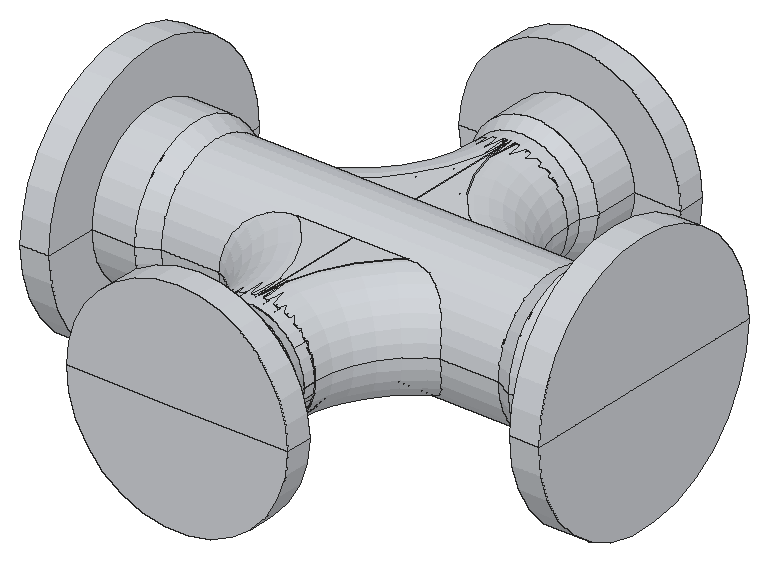
Revit family "5d64237feac1485987b127e7d64533d2", category Pipe Fittings, Revit 2021
Family settings
  Round Connector Dimension = Use Radius
  Part Type = Cross
  OmniClass Number = 23.60.30.11.14
  OmniClass Title = Pipework Fittings
  Seek Item ID = Tee - PVC - Sch 40-0000-USA-ENU
  Work Plane-Based = No
  Always vertical = Yes
  Cut with Voids When Loaded = No
  Shared = No
Parameters (values of type "Standard")
  Visibility 1 [instance] = and(Angle 1 = 90.00°, Angle 2 = 90.00°)  # yes
  Tick Size 3 [instance] = Fitting Outside Diameter 3 * 0.4  # 1.5840"
  Tick Size 2 [instance] = Fitting Outside Diameter 2 * 0.4  # 1.5840"
  Tick Size 1 [instance] = Fitting Outside Diameter 1 * 0.4  # 1.9200"
  Socket Outside Radius 3 [instance] = Socket Outside Diameter 3 / 2  # 2.2400"
  Socket Outside Radius 2 [instance] = Socket Outside Diameter 2 / 2  # 2.2400"
  Socket Outside Radius 1 [instance] = Socket Outside Diameter 1 / 2  # 2.7250"
  Socket Outside Diameter 3 [instance] = size_lookup(Lookup Table Name, "SOD", 1.08 * Nominal Diameter 3 + 1.1300", Nominal Diameter 3)  # 4.4800"
  Socket Outside Diameter 1 [instance] = size_lookup(Lookup Table Name, "SOD", 1.08 * Nominal Diameter 1 + 1.1300", Nominal Diameter 1)  # 5.4500"
  Socket Outside Diameter 2 [instance] = size_lookup(Lookup Table Name, "SOD", 1.08 * Nominal Diameter 2 + 1.1300", Nominal Diameter 2)  # 4.4800"
  Socket Depth 3 [instance] = if(Nominal Diameter 3 < 14.0000", 2.5000", if(Nominal Diameter 2 < 30.0000", 3.5000", 4.0000"))  # 2.5000"
  Socket Depth 2 [instance] = if(Nominal Diameter 2 < 14.0000", 2.5000", if(Nominal Diameter 2 < 30.0000", 3.5000", 4.0000"))  # 2.5000"
  Socket Depth 1 [instance] = if(Nominal Diameter 1 < 14.0000", 2.5000", if(Nominal Diameter 1 < 30.0000", 3.5000", 4.0000"))  # 2.5000"
  Nominal Radius 3 [instance] = 1.5000"
  Nominal Radius 2 [instance] = 1.5000"
  Nominal Diameter 3 [instance] = Nominal Radius 3 * 2  # 3.0000"
  Nominal Diameter 2 [instance] = Nominal Radius 2 * 2  # 3.0000"
  Min Nominal Diameter 23 [instance] = if(Nominal Diameter 2 < Nominal Diameter 3, Nominal Diameter 2, Nominal Diameter 3)  # 3.0000"
  Min Center to Socket Bottom 23 [instance] = if(Center to Socket Bottom 2 < Center to Socket Bottom 3, Center to Socket Bottom 2, Center to Socket Bottom 3)  # 6.5000"
  Max Nominal Diameter 23 [instance] = if(Nominal Diameter 2 > Nominal Diameter 3, Nominal Diameter 2, Nominal Diameter 3)  # 3.0000"
  Max Gland Width 23 [instance] = if(Gland Width 2 > Gland Width 3, Gland Width 2, Gland Width 3)  # 0.9400"
  Lookup Table Name = "Cross Reducing - MJ - DI - Class 350"
  Length 2 [instance] = Socket Depth 3 + Bevel Length 3  # 3.0200"
  Length 1 [instance] = Socket Depth 2 + Bevel Length 2  # 3.0200"
  Fitting Outside Radius 3 [instance] = Fitting Outside Diameter 3 / 2  # 1.9800"
  Fitting Outside Radius 2 [instance] = Fitting Outside Diameter 2 / 2  # 1.9800"
  Fitting Outside Radius 1 [instance] = Fitting Outside Diameter 1 / 2  # 2.4000"
  Fitting Outside Diameter 3 [instance] = size_lookup(Lookup Table Name, "FOD", 1.04 * Nominal Diameter 3 + 0.7000", Nominal Diameter 3)  # 3.9600"
  Fitting Outside Diameter 2 [instance] = size_lookup(Lookup Table Name, "FOD", 1.04 * Nominal Diameter 2 + 0.7000", Nominal Diameter 2)  # 3.9600"
  Fitting Outside Diameter 1 [instance] = size_lookup(Lookup Table Name, "FOD", 1.04 * Nominal Diameter 1 + 0.7000", Nominal Diameter 1)  # 4.8000"
  Nominal Radius 1 [instance] = 2.0000"
  Nominal Diameter 1 [instance] = Nominal Radius 1 * 2  # 4.0000"
  Loss Method = Not Defined
  K Coefficient Table = (empty or 0)
  Default Elevation = 0.0000"
  Bevel Length 3 [instance] = size_lookup(Lookup Table Name, "BvLgt", 0.04 * Nominal Diameter 3 + 0.4300", Nominal Diameter 3)  # 0.5200"
  Bevel Length 2 Label [instance] = if(not(Angle 2 = 90.00°), Center to End 2 Label - Length 1, Bevel Length 2)  # 0.5200"
  Bevel Length 2 [instance] = size_lookup(Lookup Table Name, "BvLgt", 0.04 * Nominal Diameter 2 + 0.4300", Nominal Diameter 2)  # 0.5200"
  Bevel Length 1 [instance] = size_lookup(Lookup Table Name, "BvLgt", 0.04 * Nominal Diameter 1 + 0.4300", Nominal Diameter 1)  # 0.6500"
  Center to Socket Bottom 3 [instance] = size_lookup(Lookup Table Name, "CtSB2", 3.8400" + 0.6 * Nominal Diameter 1 + 0.12 * Nominal Diameter 3, Nominal Diameter 1, Nominal Diameter 3)  # 6.5000"
  Center to Socket Bottom 2 [instance] = size_lookup(Lookup Table Name, "CtSB2", 3.8400" + 0.6 * Nominal Diameter 1 + 0.12 * Nominal Diameter 2, Nominal Diameter 1, Nominal Diameter 2)  # 6.5000"
  Center to Socket Bottom 1 [instance] = size_lookup(Lookup Table Name, "CtSB1", 4.9800" + 0.33 * Nominal Diameter 1 + 0.33 * Max Nominal Diameter 23, Nominal Diameter 1, Max Nominal Diameter 23)  # 6.5000"
  Center to End 3 [instance] = Center to Socket Bottom 3 + Socket Depth 3  # 9.0000"
  Max Center to End 23 [instance] = if(Center to End 2 > Center to End 3, Center to End 2, Center to End 3)  # 9.0000"
  Center to End 2 Label [instance] = if((Max Center to End 23 - Max Gland Width 23) * tan(Angle 5 / 2) > Gland Outside Radius 1, Max Center to End 23, Gland Outside Radius 1 / tan(Angle 5 / 2) + Max Gland Width 23)  # 9.0000"
  Center to End 2 [instance] = Center to Socket Bottom 2 + Socket Depth 2  # 9.0000"
  Center to End 1 Label [instance] = if((Max Center to End 23 - Max Gland Width 23) * tan(Angle 5 / 2) > Gland Outside Radius 1, Center to End 1, Gland Outside Radius 1 / tan(Angle 5 / 2) + Max Gland Width 23)  # 9.0000"
  Center to End 1 [instance] = Center to Socket Bottom 1 + Socket Depth 1  # 9.0000"
  Center Radius Label [instance] = if(Min Center to Socket Bottom 23 - Center Radius - Bevel Length 2 < 0.5000", Min Center to Socket Bottom 23 - Bevel Length 2 - 0.5000", Center Radius)  # 5.4800"
  Center Radius [instance] = size_lookup(Lookup Table Name, "CRad", 4.4800" + 0.3 * Nominal Diameter 1 + 0.33 * Max Nominal Diameter 23, Nominal Diameter 1, Max Nominal Diameter 23)  # 5.8500"
  Gland Width 3 [instance] = size_lookup(Lookup Table Name, "GWid", 0.03 * Nominal Diameter 3 + 0.9400", Nominal Diameter 3)  # 0.9400"
  Gland Width 2 [instance] = size_lookup(Lookup Table Name, "GWid", 0.03 * Nominal Diameter 2 + 0.9400", Nominal Diameter 2)  # 0.9400"
  Gland Width 1 [instance] = size_lookup(Lookup Table Name, "GWid", 0.03 * Nominal Diameter 1 + 0.9400", Nominal Diameter 1)  # 1.0000"
  Gland Outside Radius 3 [instance] = Gland Outside Diameter 3 / 2  # 3.8450"
  Gland Outside Radius 2 [instance] = Gland Outside Diameter 2 / 2  # 3.8450"
  Gland Outside Radius 1 [instance] = Gland Outside Diameter 1 / 2  # 4.5600"
  Gland Outside Diameter 3 [instance] = size_lookup(Lookup Table Name, "GOD", 1.16 * Nominal Diameter 3 + 4.0300", Nominal Diameter 3)  # 7.6900"
  Gland Outside Diameter 2 [instance] = size_lookup(Lookup Table Name, "GOD", 1.16 * Nominal Diameter 2 + 4.0300", Nominal Diameter 2)  # 7.6900"
  Gland Outside Diameter 1 [instance] = size_lookup(Lookup Table Name, "GOD", 1.16 * Nominal Diameter 1 + 4.0300", Nominal Diameter 1)  # 9.1200"
  Angle 5 [instance] = if(tan(Angle 3 / 2) > tan(Angle 4 / 2), Angle 4, Angle 3)  # 90.00°
  Angle 4 [instance] = if(Angle 2 > 90.00°, 180.00° - Angle 2, Angle 2)  # 90.00°
  Angle 3 [instance] = if(Angle 1 > 90.00°, 180.00° - Angle 1, Angle 1)  # 90.00°
  Angle 2 [instance] = 90.00°
  Angle 1 [instance] = 90.00°
Reference planes (in)
  plane 1 "Center (Front/Back)": y = 0
  plane 2: z = 0
  plane 3 "Center (Left/Right)": x = 0
  plane 4: y = -6.5
  plane 5: y = 4.56
  plane 6: y = 2.725
  plane 7: y = 2.4
  plane 8: x = -9
  plane 9: x = -8
  plane 10: x = -5.85
  plane 11: x = -6.5
  plane 12: x = 9
  plane 13: x = 8
  plane 14: x = 5.85
  plane 15: x = 6.5
  plane 16: y = -5.98
  plane 17: y = -5.48
  plane 18: x = -5.48
  plane 19: x = 5.48
  plane 20: z = 1.98
  plane 21: z = -1.98
  plane 22: y = 1.92
  plane 23: y = -1.92
  plane 24: y = 6.5
  plane 25: y = 5.98
  plane 26: y = 5.48
  plane 27: y = 1.92
  plane 28: z = 1.98
  plane 29: z = -1.98
Forms (in)
  Revolve 1, solid, detail levels fine
    sketch origin (0, 0, 0) x (1, 0, 0) y (0, 1, 0)
      loop
        line (-9, 0) -> (9, 0) -> (9, 4.56) -> (8, 4.56) -> (8, 2.725) -> (6.5, 2.725) -> (5.85, 2.4) -> (-5.85, 2.4) -> (-6.5, 2.725) -> (-8, 2.725) -> (-8, 4.56) -> (-9, 4.56) -> (-9, 0)
      axis (-9, 0) -> (9, 0)
    angle from 0 to 360
  Sweep 2, solid, visible <- "Visibility 1", detail levels fine
    path origin (0, 0, 0) x (1, 0, 0) y (0, 1, 0)
      loop
        arc (-5.48, 0) -> (-1.60505, -1.60505) -> (0, -5.48) r 5.48
        line (0, -5.48) -> (0, -5.98)
    profile origin (0, -5.48, 0) x (1, 0, 0) y (0, 0, 1)
      loop
        circle (0, 0) r 1.98
  Sweep 3, solid, visible <- "Visibility 1", detail levels fine
    path origin (0, 0, 0) x (-1, 0, 0) y (0, 1, 0)
      loop
        arc (-5.48, 0) -> (-1.60505, -1.60505) -> (0, -5.48) r 5.48
        line (0, -5.48) -> (0, -5.98)
    profile origin (0, -5.48, 0) x (1, 0, 0) y (0, 0, 1)
      loop
        circle (0, 0) r 1.98
  Extrusion 4, solid, visible <- "Visibility 1", detail levels fine
    sketch origin (0, 0, 0) x (1, 0, 0) y (0, 1, 0)
      loop
        arc (0, -5.48) -> (1.60505, -1.60505) -> (5.48, 0) r 5.48
        line (5.48, 0) -> (-5.48, 0)
        arc (-5.48, 0) -> (-1.60505, -1.60505) -> (0, -5.48) r 5.48
    from -1.98 to 1.98
  Sweep 5, solid, visible <- "Visibility 1", detail levels fine
    path origin (0, 0, 0) x (-1, 0, 0) y (0, -1, 0)
      loop
        arc (-5.48, 0) -> (-1.60505, -1.60505) -> (0, -5.48) r 5.48
    profile origin (0, 5.48, 0) x (-1, 0, 0) y (0, 0, 1)
      loop
        circle (0, 0) r 1.98
  Extrusion 6, solid, visible <- "Visibility 1", detail levels fine
    sketch origin (0, 0, 0) x (1, 0, 0) y (0, 1, 0)
      loop
        arc (0, 5.48) -> (-1.60505, 1.60505) -> (-5.48, 0) r 5.48
        line (-5.48, 0) -> (5.48, 0)
        arc (5.48, 0) -> (1.60505, 1.60505) -> (0, 5.48) r 5.48
    from -1.98 to 1.98
  Sweep 7, solid, visible <- "Visibility 1", detail levels fine
    path origin (0, 0, 0) x (1, 0, 0) y (0, -1, 0)
      loop
        arc (-5.48, 0) -> (-1.60505, -1.60505) -> (0, -5.48) r 5.48
    profile origin (0, 5.48, 0) x (-1, 0, 0) y (0, 0, 1)
      loop
        circle (0, 0) r 1.98
  Revolve 8, solid, detail levels fine
    sketch origin (0, 0, 0) x (0, -1, 0) y (1, 0, 0)
      loop
        line (9, 0) -> (0, 0) -> (0, -1.98) -> (5.98, -1.98) -> (6.5, -2.24) -> (8.06, -2.24) -> (8.06, -3.845) -> (9, -3.845) -> (9, 0)
      axis (0, 0) -> (9, 0)
    angle from 0 to 360
  Revolve 9, solid, detail levels fine
    sketch origin (0, 0, 0) x (0, 1, 0) y (-1, 0, 0)
      loop
        line (9, 0) -> (9, 3.845) -> (8.06, 3.845) -> (8.06, 2.24) -> (6.5, 2.24) -> (5.98, 1.98) -> (0, 1.98) -> (0, 0) -> (9, 0)
      axis (0, 0) -> (9, 0)
    angle from 0 to 360
Lines and regions (in)
  model lines, detail levels coarse+medium
    curve 1: line (-9, 1.92, 0) -> (-9, -1.92, 0)
    curve 2: line (9, 1.92, 0) -> (9, -1.92, 0)
    curve 6: line (-1.584, -9, 0) -> (1.584, -9, 0)
    curve 8: line (-1.584, 9, 0) -> (1.584, 9, 0)
  model lines, style "PipeFitting", detail levels coarse+medium
    curve 3: line (-9, 0, 0) -> (9, 0, 0)
    curve 7: line (0, 0, 0) -> (0, -9, 0)
    curve 9: line (0, 0, 0) -> (0, 9, 0)
  reference lines, not visible
    curve 4: line (0, 0, 0) -> (0, -9, 0)
    curve 5: line (0, 0, 0) -> (0, 9, 0)
Dimensions and locks (in)
  "Center to Socket Bottom 2": plane 4 to plane 1 "Center (Front/Back)"
  "Fitting Outside Radius 1": plane 7 to plane 1 "Center (Front/Back)"
  "Socket Outside Radius 1": plane 6 to plane 1 "Center (Front/Back)"
  "Gland Outside Radius 1": plane 5 to plane 1 "Center (Front/Back)"
  "Gland Width 1": plane 8 to plane 9
  "Socket Depth 1": plane 8 to plane 11
  "Bevel Length 1": plane 11 to plane 10
  "Gland Width 1": plane 12 to plane 13
  "Socket Depth 1": plane 12 to plane 15
  "Bevel Length 1": plane 14 to plane 15
  "Bevel Length 2": plane 16 to plane 4
  "Center Radius Label": plane 1 "Center (Front/Back)" to plane 17
  "Center Radius Label": plane 18 to plane 3 "Center (Left/Right)"
  "Center Radius Label": plane 3 "Center (Left/Right)" to plane 19
  "Fitting Outside Radius 2": plane 20 to plane 2
  "Fitting Outside Radius 2": plane 21 to level
  "Tick Size 1": plane 1 "Center (Front/Back)" to plane 23
  "Tick Size 1": plane 22 to plane 1 "Center (Front/Back)"
  "Center to Socket Bottom 3": plane 24 to plane 1 "Center (Front/Back)"
  "Bevel Length 3": plane 25 to plane 24
  "Center Radius Label": plane 1 "Center (Front/Back)" to plane 26
  "Tick Size 1": plane 1 "Center (Front/Back)" to plane 27
  "Fitting Outside Radius 3": plane 2 to plane 29
  "Fitting Outside Radius 3": plane 28 to plane 2
  "Center to End 1 Label": plane 8 to plane 3 "Center (Left/Right)"
  "Center to End 1 Label": plane 3 "Center (Left/Right)" to plane 12
  "Center to End 2 Label": curve 4 to curve 4
  "Center to End 2 Label": curve 5 to curve 5
  "Tick Size 2": curve 6 to curve 4
  "Tick Size 2": curve 4 to curve 6
  "Center to End 2 Label": curve 7 to curve 7
  "Center to End 2 Label": Revolve 8 sketch curve to Revolve 8 sketch curve
  "Gland Outside Radius 2": Revolve 8 sketch curve to Revolve 8 sketch curve
  "Socket Outside Radius 2": Revolve 8 sketch curve to Revolve 8 sketch curve
  "Gland Width 2": Revolve 8 sketch curve to Revolve 8 sketch curve
  "Socket Depth 2": Revolve 8 sketch curve to Revolve 8 sketch curve
  "Fitting Outside Radius 2": Revolve 8 sketch curve to Revolve 8 sketch curve
  "Length 1": Revolve 8 sketch curve to Revolve 8 sketch curve
  "Tick Size 3": curve 8 to curve 5
  "Tick Size 3": curve 5 to curve 8
  "Center to End 2 Label": curve 9 to curve 9
  "Center to End 2 Label": Revolve 9 sketch curve to Revolve 9 sketch curve
  "Socket Outside Radius 3": Revolve 9 sketch curve to Revolve 9 sketch curve
  "Gland Outside Radius 3": Revolve 9 sketch curve to Revolve 9 sketch curve
  "Fitting Outside Radius 3": Revolve 9 sketch curve to Revolve 9 sketch curve
  "Gland Width 3": Revolve 9 sketch curve to Revolve 9 sketch curve
  "Socket Depth 3": Revolve 9 sketch curve to Revolve 9 sketch curve
  "Length 2": Revolve 9 sketch curve to Revolve 9 sketch curve
  "Center Radius Label": radius of Sweep 2 sketch curve
  "Fitting Outside Radius 2": radius of Sweep 2 sketch curve
  "Center Radius Label": radius of Sweep 3 sketch curve
  "Fitting Outside Radius 2": radius of Sweep 3 sketch curve
  "Center Radius Label": radius of Extrusion 4 sketch curve  (x2)
  "Center Radius Label": radius of Sweep 5 sketch curve
  "Fitting Outside Radius 3": radius of Sweep 5 sketch curve
  "Center Radius Label": radius of Extrusion 6 sketch curve  (x2)
  "Center Radius Label": radius of Sweep 7 sketch curve
  "Fitting Outside Radius 3": radius of Sweep 7 sketch curve
  "Angle 1": angle curve 4 to plane 1 "Center (Front/Back)"
  "Angle 2": angle plane 1 "Center (Front/Back)" to curve 5
  locked: curve 4 to curve 6 (angle 90.00°)
  "Angle 1": angle curve 7 to plane 1 "Center (Front/Back)"
  "Angle 1": angle Revolve 8 sketch curve to plane 1 "Center (Front/Back)"
  locked: curve 5 to curve 8 (angle 90.00°)
  "Angle 2": angle plane 1 "Center (Front/Back)" to curve 9
  "Angle 2": angle plane 1 "Center (Front/Back)" to Revolve 9 sketch curve
  aligned and locked: plane 1 "Center (Front/Back)" to Revolve 1 sketch curve
  aligned and locked: plane 8 to Revolve 1 sketch curve
  aligned and locked: Revolve 1 sketch curve to plane 5  (x2)
  aligned and locked: Revolve 1 sketch curve to plane 7
  aligned and locked: Revolve 1 sketch curve to plane 6  (x2)
  aligned and locked: Revolve 1 sketch curve to plane 13
  aligned and locked: Revolve 1 sketch curve to plane 12
  aligned and locked: Revolve 1 sketch curve to plane 9
  aligned and locked: Revolve 1 sketch curve to Revolve 1 sketch curve
  aligned and locked: plane 11 to Revolve 1 sketch curve
  aligned and locked: plane 10 to Revolve 1 sketch curve
  aligned and locked: plane 14 to Revolve 1 sketch curve
  aligned and locked: plane 15 to Revolve 1 sketch curve
  aligned and locked: plane 17 to Sweep 2 sketch curve
  aligned and locked: plane 18 to Sweep 2 sketch curve
  aligned and locked: plane 19 to Sweep 3 sketch curve
  aligned and locked: plane 17 to Sweep 3 sketch curve
  aligned and locked: plane 18 to Extrusion 4 sketch curve  (x2)
  aligned and locked: plane 17 to Extrusion 4 sketch curve  (x3)
  aligned and locked: plane 19 to Extrusion 4 sketch curve  (x2)
  aligned and locked: plane 1 "Center (Front/Back)" to Extrusion 4 sketch curve
  aligned and locked: plane 21 to Extrusion 4
  aligned and locked: plane 20 to Extrusion 4
  aligned and locked: plane 23 to curve 2
  aligned and locked: plane 22 to curve 2
  aligned and locked: plane 12 to curve 2
  aligned and locked: plane 23 to curve 1
  aligned and locked: plane 22 to curve 1
  aligned and locked: curve 1 to plane 8
  aligned and locked: plane 1 "Center (Front/Back)" to curve 3
  aligned and locked: plane 8 to curve 3
  aligned and locked: plane 12 to curve 3
  aligned and locked: plane 29 to Extrusion 6
  aligned and locked: plane 28 to Extrusion 6
  aligned and locked: plane 16 to Sweep 2 sketch curve
  aligned and locked: plane 3 "Center (Left/Right)" to curve 5
  aligned and locked: plane 1 "Center (Front/Back)" to curve 5
  aligned and locked: curve 6 to curve 4
  aligned and locked: plane 3 "Center (Left/Right)" to curve 7
  aligned and locked: plane 1 "Center (Front/Back)" to curve 7
  aligned and locked: plane 3 "Center (Left/Right)" to Revolve 8 sketch curve
  aligned and locked: plane 1 "Center (Front/Back)" to Revolve 8 sketch curve
  aligned and locked: Revolve 8 sketch curve to Revolve 8 sketch curve  (x3)
  aligned and locked: curve 8 to curve 5
  aligned and locked: plane 3 "Center (Left/Right)" to curve 9
  aligned and locked: plane 3 "Center (Left/Right)" to Revolve 9 sketch curve
  aligned and locked: plane 1 "Center (Front/Back)" to Revolve 9 sketch curve
  aligned and locked: Revolve 9 sketch curve to Revolve 9 sketch curve  (x3)
  aligned and locked: plane 16 to Sweep 3 sketch curve
Automatic sketch dimensions
  Revolve 1 sketch curve to plane 8 = 1.01143"
  Revolve 1 sketch curve to plane 12 = 1.76143"
  Sweep 2 sketch curve to level = 0.0000"
  profile plane to Sweep 2 sketch curve = 0.0000"
  Sweep 3 sketch curve to level = 0.0000"
  profile plane to Sweep 3 sketch curve = 0.0000"
  Sweep 5 sketch curve to level = 0.0000"
  Sweep 5 sketch curve to profile plane = 0.0000"
  plane 1 "Center (Front/Back)" to Extrusion 6 sketch curve = 0.0000"
  Extrusion 6 sketch curve to plane 18 = 0.0000"
  Extrusion 6 sketch curve to plane 3 "Center (Left/Right)" = 0.0000"
  Sweep 7 sketch curve to level = 0.0000"
  Sweep 7 sketch curve to profile plane = 0.0000"
  plane 1 "Center (Front/Back)" to Sweep 7 sketch curve = 0.0000"
  plane 1 "Center (Front/Back)" to Sweep 5 sketch curve = 0.0000"
  Sweep 5 sketch curve to plane 19 = 0.0000"
  Sweep 7 sketch curve to plane 18 = 0.0000"
Connectors (in)
  piping at (-9, 0, 0), diameter 4, driven by "Nominal Radius 1"
    settings: on Revolve 1, index 1, connector inside diameter 4.0000", connector length 0.0000", flow factor 0, pipe flow 0 GPM, pressure drop 0.00 psi, fitting loss kfactor 0, connector angle 0.00°, fixture units 0, engagement length 0.0000", angle of deflection 0.00°, flow configuration 0, flow direction 0, fitting loss method 0, system type 28, joint type 0, gender type 0, connector reference index 2, connector utility 0, adjustable connector no, is connector primary yes, connector description ""
  piping at (9, 0, 0), diameter 4, driven by "Nominal Radius 1"
    settings: on Revolve 1, index 2, connector inside diameter 4.0000", connector length 0.0000", flow factor 0, pipe flow 0 GPM, pressure drop 0.00 psi, fitting loss kfactor 0, connector angle 0.00°, fixture units 0, engagement length 0.0000", angle of deflection 0.00°, flow configuration 0, flow direction 0, fitting loss method 0, system type 28, joint type 0, gender type 0, connector reference index 1, connector utility 0, adjustable connector no, is connector primary no, connector description ""
  piping at (0, -9, 0), diameter 3, driven by "Nominal Radius 2", driven by "Angle 1"
    settings: on Revolve 8, index 3, connector inside diameter 3.0000", connector length 0.0000", flow factor 0, pipe flow 0 GPM, pressure drop 0.00 psi, fitting loss kfactor 0, connector angle 90.00°, fixture units 0, engagement length 0.0000", angle of deflection 0.00°, flow configuration 0, flow direction 0, fitting loss method 0, system type 28, joint type 0, gender type 0, connector reference index 4, connector utility 0, adjustable connector no, is connector primary no, connector description ""
  piping at (0, 9, 0), diameter 3, driven by "Nominal Radius 3", driven by "Angle 2"
    settings: on Revolve 9, index 4, connector inside diameter 3.0000", connector length 0.0000", flow factor 0, pipe flow 0 GPM, pressure drop 0.00 psi, fitting loss kfactor 0, connector angle 90.00°, fixture units 0, engagement length 0.0000", angle of deflection 0.00°, flow configuration 0, flow direction 0, fitting loss method 0, system type 28, joint type 0, gender type 0, connector reference index 3, connector utility 0, adjustable connector no, is connector primary no, connector description ""
